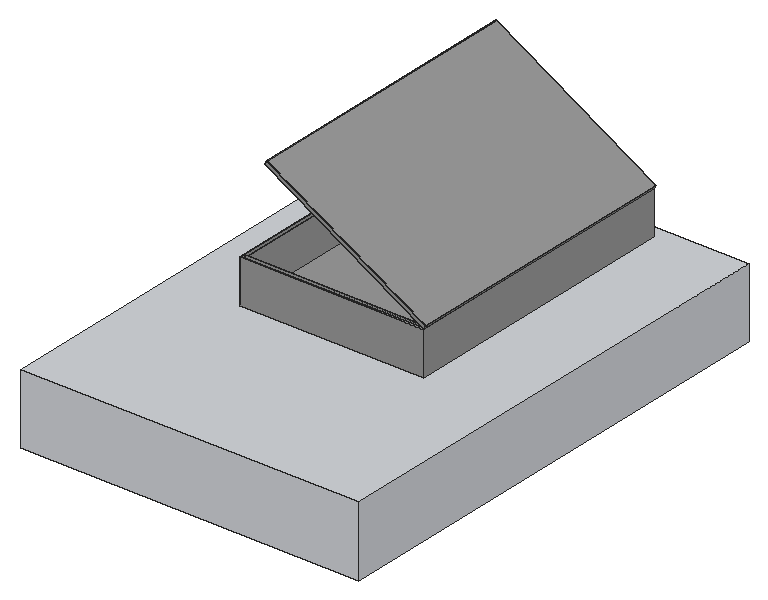
Revit family "Hager-Univers-IP54-D205-H1250-Cl.I-Encl-CH-en", category Equipement électrique, Revit 2020
Family settings
  Hôte = Face
  Configuration du panneau = Deux colonnes, circuits au sein
  Cote de connecteur circulaire = Utiliser le diamètre
  Type d'élément = Tableau de raccordement
  Couper avec des vides une fois chargée = Non
  Partagée = Non
  Point de calcul de pièce = Non
Parameters (values of type "Surface mounted (plaster) IP54 W800 H1250 D205  - FP83TW2")
  Width Control [instance] = if([EF000008 - Width] > Min Width, [EF000008 - Width], Min Width)  # 800 mm
  Commentaires du type = [HG000003 - Range]  # "Univers"
  Thickness Door [instance] = if([EF009171 - Material plate thickness door/cover] > 3 mm, 3 mm, [EF009171 - Material plate thickness door/cover])  # 1 mm
  Seal Frame Offset [instance] = 17 mm  # constant formula
  Plinth Visibility [instance] = [HG000027 - Plinth height] > 0 mm  # no
  Model = ""
  Min Width [instance] = 100 mm  # constant formula
  Min Height [instance] = 100 mm  # constant formula
  Min Depth [instance] = (2 * [EF009170 - Material plate thickness cabinet]) + 1 mm  # 3 mm
  Internal Frame Depth [instance] = (Door System Depth * 0.5)  # 9 mm
  Height Control [instance] = if([EF000040 - Height] > Min Height, [EF000040 - Height], Min Height)  # 1250 mm
  HG000027 - Plinth height = 0 mm
  HG000026 - Floor standing = no
  HG000024 - Bottom section height = 800 mm
  HG000023 - Double section enclosure = no
  HG000016 - Door 3d visibility [instance] = yes
  HG000015 - Clearance visibility [instance] = no
  HG000014 - Door on the right [instance] = yes
  HG000013 - Door on the left [instance] = not([HG000014 - Door on the right])  # no
  HG000012 - Door swing angle [instance] = 30.00°
  HG000010 - Asymmetric doors = no
  HG000009 - Double swing door = no
  HG000006 - Flush mounted = no
  HG000004 - Manufacturer reference = "FP83TW2"
  HG000003 - Range = "Univers"
  HG000002 - With door or cover = yes
  Frame Offset Bottom [instance] = 10 mm  # constant formula
  Frame Offset [instance] = 15 mm  # constant formula
  EF015940 - Cover with overpressure release = no
  EF011959 - Degree of protection (NEMA) = ""
  EF009554 - Number of openings for flange plates = 6
  EF009212 - Cover model = "EV000116 - Closed"
  EF009171 - Material plate thickness door/cover = 1 mm
  EF009170 - Material plate thickness cabinet = 1 mm
  Fabricant = "Hager"  # constant formula
  EF008873 - Nominal current (In) = 250 A
  EF007800 - Suitable for lightning protection = no
  EF006306 - With lock = no
  EF006244 - Transparent cover/door = no
  EF005474 - Degree of protection (IP) = "EV006419 - IP54"
  EF004464 - Type of door = "EV002646 - Single"
  EF004427 - Number of modules = 288
  EF004293 - Impact strength = "EV006815 - IK09"
  EF003532 - Suitable for outdoor use = no
  EF002950 - Width in number of modular spacings = 36
  EF001613 - Circuit integrity = "EV000494 - None"
  EF001596 - Material housing = "EV000179 - Steel"
  EF001131 - Internal depth = 130 mm
  EF001088 - Extension possible = yes
  EF000437 - Number of conduit inlets = 6
  EF000339 - Type of cover = "EV001012 - Cover"
  EF000266 - Number of rows = 8
  EF000218 - Built-in depth = 205 mm
  EF000118 - With mounting plate = no
  EF000116 - RAL-number = "9010"
  EF000049 - Depth = 205 mm
  EF000040 - Height = 1250 mm
  EF000008 - Width = 800 mm
  EF000007 - Colour = "EV000202 - White"
  EF000003 - Mounting method = "EV000384 - Surface mounted (plaster)"
  Door System Leaf Tolerance [instance] = 1.5 mm  # constant formula
  Door System Depth [instance] = 18 mm  # constant formula
  Door Height [instance] = Height Control - [HG000027 - Plinth height]  # 1250 mm
  Depth Control [instance] = if([EF000049 - Depth] > Min Depth, [EF000049 - Depth], Min Depth)  # 205 mm
  Default Elevation = 0 mm
  Connector Offset [instance] = Height Control / 2  # 625 mm
  Bottom Top Plate Trim [instance] = 1.5 mm  # constant formula
  Plinth height Ctrl [instance] = if([HG000027 - Plinth height] > 0 mm, [HG000027 - Plinth height], 12 mm)  # 12 mm
Types (5, lengths in mm): name | Width Control | HG000004 - Manufacturer reference | EF009554 - Number of openings for flange plates | EF004464 - Type of door | EF004427 - Number of modules | EF002950 - Width in number of modular spacings | EF000437 - Number of conduit inlets | EF000008 - Width
  Surface mounted (plaster) IP54 W1050 H1250 D205  - FP84TW2 | 1050 | "FP84TW2" | 8 | "EV003602 - Double" | 384 | 48 | 8 | 1050
  Surface mounted (plaster) IP54 W1300 H1250 D205  - FP85TW2 | 1300 | "FP85TW2" | 10 | "EV003602 - Double" | 480 | 60 | 10 | 1300
  Surface mounted (plaster) IP54 W300 H1250 D205  - FP81TW2 | 300 | "FP81TW2" | 2 | "EV002646 - Single" | 96 | 12 | 2 | 300
  Surface mounted (plaster) IP54 W550 H1250 D205  - FP82TW2 | 550 | "FP82TW2" | 4 | "EV002646 - Single" | 192 | 24 | 4 | 550
  Surface mounted (plaster) IP54 W800 H1250 D205  - FP83TW2 | 800 | "FP83TW2" | 6 | "EV002646 - Single" | 288 | 36 | 6 | 800
Reference planes
  plane 1 "Center (Front/Back)": y = 0
  plane 2: z = 0
  plane 3 "Center (Left/Right)": x = 0
  plane 4: z = 205
  plane 5: y = 1
  plane 6: y = 625
  plane 7: y = 0
  plane 8: y = 1250
  plane 9: z = 0
  plane 10: x = -385
  plane 11: x = 385
  plane 12: x = 384
  plane 13: x = -384
  plane 14: y = 1249
  plane 15: x = -383
  plane 16: x = -400
  plane 17: x = 383
  plane 18: x = 400
  plane 19: x = 399
  plane 20: x = -399
  plane 21: y = 11
  plane 22: y = 1250
  plane 23: y = 1234
  plane 24: z = 187
  plane 25: z = 1
  plane 26: z = 186
  plane 27: z = 204
Forms (mm)
  Extrusion 1, solid
    sketch origin (0, 0, 0) x (1, 0, 0) y (0, 1, 0)
      loop
        line (-702.964, 1305) -> (-702.964, -811.445) -> (766.763, -811.445) -> (766.763, 1305) -> (-702.964, 1305)
    from 0 to -304.8
  Extrusion 2, solid, material "Hager_Steel_RAL7035_Light_Grey", visible <- "Plinth Visibility", detail levels medium+fine
    sketch origin (0, 0, 0) x (1, 0, 0) y (0, 1, 0)
      loop
        line (-400, 0) -> (400, 0) -> (400, 12) -> (-400, 12) -> (-400, 0)
    from 0 to 187
  Extrusion 3, solid, material "Hager_Steel_RAL7035_Light_Grey", detail levels medium+fine
    sketch origin (0, 0, 0) x (1, 0, 0) y (0, 1, 0)
      loop
        line (-400, 0) -> (400, 0) -> (400, 1250) -> (-400, 1250) -> (-400, 0)
    from 0 to 187
  Extrusion 4, void
    sketch origin (0, 0, 0) x (1, 0, 0) y (0, 1, 0)
      loop
        line (-399, 1) -> (399, 1) -> (399, 1249) -> (-399, 1249) -> (-399, 1)
    from 1 to 186
  Extrusion 5, void
    sketch origin (-381.607, -4572, 187) x (0, -1, 0) y (-1, 0, 0)
      loop
        line (-4583, 2.393) -> (-5806, 2.393) -> (-5806, -765.607) -> (-4583, -765.607) -> (-4583, 2.393)
    from 0 to 1 <- "EF009170 - Material plate thickness cabinet"
  Extrusion 6, solid, material "Hager_Steel_RAL7035_Light_Grey", detail levels fine
    sketch origin (0, 0, 187) x (1, 0, 0) y (0, 1, 0)
      loop
        line (-384, 1234) -> (-384, 11) -> (384, 11) -> (384, 1234) -> (-384, 1234)
      loop
        line (-385, 10) -> (385, 10) -> (385, 1235) -> (-385, 1235) -> (-385, 10)
    from 0 to 9 <- "Internal Frame Depth"
  Extrusion 7, solid, material "Hager_Steel_RAL7035_Light_Grey", detail levels coarse
    sketch origin (0, 0, 0) x (1, 0, 0) y (0, 1, 0)
      loop
        line (-400, 0) -> (400, 0) -> (400, 1250) -> (-400, 1250) -> (-400, 0)
    from 0 to 205
  Sweep 8, void
    path in 3D
      loop
        line (-400, 12, 0) -> (400, 12, 0) -> (400, 12, 187) -> (-400, 12, 187) -> (-400, 12, 0)
    profile origin (-400, 12, 93.5) x (-1, 0, 0) y (0, -1, 0)
      loop
        line (0, 0) -> (0, 1.5) -> (-1.5, 1.5)
        arc (-1.5, 1.5) -> (-1.061, 0.439) -> (0, 0) r 1.5
Cuts and joins
  Extrusion 4, Extrusion 5 cuts Extrusion 3
  Sweep 8 cuts Extrusion 2
Lines and regions (mm)
  Masking region 1
    outline origin (0, 0, 0) x (1, 0, 0) y (0, 0, 1)
      loop
        line (-400, 205) -> (-400, 0) -> (400, 0) -> (400, 205) -> (-400, 205)
  Masking region 2, detail levels medium+fine
    outline origin (0, 140, 0) x (0, 1, 0) y (0, 0, 1)
      loop
        line (-140, 0) -> (1110, 0) -> (1110, 187) -> (-140, 187) -> (-140, 0)
  Masking region 3, not visible, detail levels medium+fine
    outline origin (0, 297.922, 0) x (0, 1, 0) y (0, 0, 1)
      loop
        line (338.578, 0) -> (378.578, 0) -> (378.578, 194)
        arc (378.578, 194) -> (375.649, 201.071) -> (368.578, 204) r 10
        line (368.578, 204) -> (338.578, 204) -> (338.578, 0)
  Masking region 4, detail levels coarse
    outline origin (0, 0, 180) x (0, 1, 0) y (0, 0, 1)
      loop
        line (0, -180) -> (1250, -180) -> (1250, 25) -> (0, 25) -> (0, -180)
  Masking region 5, visible <- "Plinth Visibility", detail levels medium+fine
    outline origin (0, 52.24, 12.345) x (0, 0, -1) y (0, 1, 0)
      loop
        line (10.845, -40.24) -> (-173.155, -40.24)
        arc (-173.155, -40.24) -> (-173.594, -41.301) -> (-174.655, -41.74) r 1.5
        line (-174.655, -41.74) -> (-174.655, -52.24) -> (12.345, -52.24) -> (12.345, -41.74)
        arc (12.345, -41.74) -> (11.285, -41.301) -> (10.845, -40.24) r 1.5
  Masking region 6, detail levels medium+fine
    outline origin (-381.607, -4572, 187) x (-1, 0, 0) y (0, -1, 0)
      loop
        line (18.393, -5822) -> (18.393, -4572) -> (-781.607, -4572) -> (-781.607, -5822) -> (18.393, -5822)
  Masking region 7, visible <- "Plinth Visibility", detail levels medium+fine
    outline origin (-381.607, -4727, 187) x (-1, 0, 0) y (0, -1, 0)
      loop
        arc (16.893, -4739) -> (17.332, -4737.939) -> (18.393, -4737.5) r 1.5
        line (18.393, -4737.5) -> (18.393, -4727) -> (-781.607, -4727) -> (-781.607, -4737.5)
        arc (-781.607, -4737.5) -> (-780.546, -4737.939) -> (-780.107, -4739) r 1.5
        line (-780.107, -4739) -> (16.893, -4739)
  Masking region 8, detail levels coarse
    outline origin (-442.548, -4669.526, 187) x (-1, 0, 0) y (0, -1, 0)
      loop
        line (-42.548, -5919.526) -> (-42.548, -4669.526) -> (-842.548, -4669.526) -> (-842.548, -5919.526) -> (-42.548, -5919.526)
  sketch lines
    curve 1: line (-400, 12, 187) -> (-400, 12, 0)
    curve 2: line (400, 12, 187) -> (-400, 12, 187)
    curve 3: line (400, 12, 187) -> (400, 12, 0)
    curve 4: line (-400, 12, 0) -> (400, 12, 0)
Dimensions and locks
  "Depth Control": plane 4 to Extrusion 1
  "HG000027 - Plinth height": plane 1 "Center (Front/Back)" to plane 7
  "EF009170 - Material plate thickness cabinet": plane 5 to plane 7
  locked: connector elem to plane 3 "Center (Left/Right)"
  equal spacing: plane 8, plane 6, plane 7
  locked: connector elem to plane 6
  "EF009170 - Material plate thickness cabinet": plane 8 to plane 14
  "EF009170 - Material plate thickness cabinet": plane 10 to plane 13
  "EF009170 - Material plate thickness cabinet": plane 12 to plane 11
  "Frame Offset": plane 20 to plane 13
  "Frame Offset": plane 12 to plane 19
  "EF009170 - Material plate thickness cabinet": plane 16 to plane 20
  "EF009170 - Material plate thickness cabinet": plane 19 to plane 18
  "Seal Frame Offset": plane 16 to plane 15
  "Seal Frame Offset": plane 17 to plane 18
  "Frame Offset Bottom": plane 21 to plane 5
  "Frame Offset": plane 14 to plane 23
  equal spacing: plane 16, plane 3 "Center (Left/Right)", plane 18
  "Width Control": plane 16 to plane 18
  "EF009170 - Material plate thickness cabinet": plane 4 to plane 27
  "EF009170 - Material plate thickness cabinet": plane 24 to plane 26
  "EF009170 - Material plate thickness cabinet": plane 25 to level
  "Door System Depth": plane 4 to plane 24
  "Height Control": plane 1 "Center (Front/Back)" to Extrusion 7 sketch curve
  "Height Control": Masking region 4 sketch curve to plane 1 "Center (Front/Back)"
  "Height Control": plane 1 "Center (Front/Back)" to plane 22
  "Bottom Top Plate Trim": profile plane to Sweep 8 sketch curve
  "Bottom Top Plate Trim": Sweep 8 sketch curve to profile plane
  "Plinth height Ctrl": plane 1 "Center (Front/Back)" to Extrusion 2 sketch curve
  "Plinth height Ctrl": Masking region 5 sketch curve to plane 1 "Center (Front/Back)"
  "Plinth height Ctrl": plane 1 "Center (Front/Back)" to Masking region 7 sketch curve
  "Thickness Door": Extrusion 6 sketch curve to Extrusion 6 sketch curve  (x3)
  "Thickness Door": cut or joined group of Extrusion 3, Extrusion 4, Extrusion 5 to Extrusion 6 sketch curve
  radius of Masking region 3 sketch curve = 10 mm
  "Bottom Top Plate Trim": radius of Masking region 5 sketch curve  (x2)
  "Bottom Top Plate Trim": radius of Sweep 8 sketch curve
  "Bottom Top Plate Trim": radius of Masking region 7 sketch curve  (x2)
  aligned and locked: plane 2 to Extrusion 1
  aligned and locked: level to Extrusion 1
  aligned and locked: level to Masking region 1 sketch curve
  aligned and locked: Masking region 1 sketch curve to plane 18
  aligned and locked: Masking region 1 sketch curve to plane 16
  aligned and locked: plane 7 to Masking region 2 sketch curve
  aligned and locked: level to Masking region 3 sketch curve
  aligned and locked: Masking region 3 sketch curve to plane 27
  aligned and locked: level to Masking region 2 sketch curve
  aligned and locked: plane 1 "Center (Front/Back)" to Extrusion 2 sketch curve
  aligned and locked: Extrusion 3 sketch curve to plane 7
  aligned and locked: plane 16 to Extrusion 3 sketch curve
  aligned and locked: plane 18 to Extrusion 3 sketch curve
  aligned and locked: plane 20 to Extrusion 4 sketch curve
  aligned and locked: plane 19 to Extrusion 4 sketch curve
  aligned and locked: Extrusion 4 sketch curve to plane 5
  aligned and locked: Extrusion 4 to plane 25
  aligned and locked: plane 26 to Extrusion 4
  aligned and locked: plane 24 to Extrusion 3
  aligned and locked: Extrusion 5 sketch curve to plane 21
  aligned and locked: Extrusion 5 sketch curve to plane 13
  aligned and locked: Extrusion 5 sketch curve to plane 12
  aligned and locked: plane 18 to Extrusion 7 sketch curve
  aligned and locked: plane 1 "Center (Front/Back)" to Extrusion 7 sketch curve
  aligned and locked: plane 16 to Extrusion 7 sketch curve
  aligned and locked: plane 4 to Extrusion 7
  aligned and locked: Extrusion 7 to level
  aligned and locked: level to Masking region 4 sketch curve
  aligned and locked: Masking region 4 sketch curve to plane 1 "Center (Front/Back)"
  aligned and locked: Masking region 4 sketch curve to plane 4
  aligned and locked: nested 1 to level
  aligned and locked: nested 1 to plane 16
  aligned and locked: plane 8 to Extrusion 3 sketch curve
  aligned and locked: plane 23 to Extrusion 5 sketch curve
  aligned and locked: plane 14 to Extrusion 4 sketch curve
  aligned and locked: Masking region 2 sketch curve to plane 8
  aligned and locked: level to Masking region 5 sketch curve
  aligned and locked: plane 16 to Extrusion 2 sketch curve
  aligned and locked: plane 18 to Extrusion 2 sketch curve
  aligned and locked: Masking region 5 sketch curve to plane 24
  aligned and locked: Masking region 2 sketch curve to plane 24
  aligned and locked: plane 24 to Extrusion 2
  aligned and locked: profile plane to Sweep 8 sketch curve  (x2)
  aligned and locked: Masking region 6 sketch curve to plane 18
  aligned and locked: Masking region 6 sketch curve to plane 22
  aligned and locked: Masking region 6 sketch curve to plane 16
  aligned and locked: plane 8 to plane 22
  aligned and locked: Masking region 6 sketch curve to plane 7
  aligned and locked: Masking region 7 sketch curve to plane 16
  aligned and locked: Masking region 7 sketch curve to plane 1 "Center (Front/Back)"
  aligned and locked: Masking region 7 sketch curve to plane 18
  aligned and locked: Masking region 8 sketch curve to plane 1 "Center (Front/Back)"
  aligned and locked: Masking region 8 sketch curve to plane 18
  aligned and locked: Masking region 8 sketch curve to plane 22
  aligned and locked: Masking region 8 sketch curve to plane 16
  aligned and locked: nested 2 to plane 7
  aligned and locked: plane 3 "Center (Left/Right)" to nested 2
  aligned and locked: nested 2 to plane 24
  aligned and locked: Extrusion 6 sketch curve to cut or joined group of Extrusion 3, Extrusion 4, Extrusion 5  (x4)
Automatic sketch dimensions
  Extrusion 1 sketch curve to Extrusion 1 sketch curve = 1469.727 mm
  Extrusion 1 sketch curve to Extrusion 1 sketch curve = 2116.445 mm
  Masking region 1 sketch curve to plane 4 = 0 mm
  plane 6 to Masking region 3 sketch curve = 11.5 mm
  Masking region 3 sketch curve to Masking region 3 sketch curve = 30 mm
  Masking region 5 sketch curve to plane 1 "Center (Front/Back)" = 0 mm
Nested families
  nested 1: "Hager_Enclosure_Symbol" at (-400, 0, 0) x (1, 0, 0) z (0, -1, 0), Height <- "Depth Control", Width <- "Width Control", type "Hager_Enclosure_Symbol"
    with Width_Ctrl 800 mm, Width 800 mm, Height_Ctrl 205 mm, Height 205 mm, A_Width_Int 13.453 mm, A_Width 161.438 mm, A_Height_Ctrl 179.375 mm, A_Height 179.375 mm
  nested 2: "EC000058_Univers_Door" at (0, 0, 187) x (1, 0, 0) z (0, 1, 0), Leaf_Tolerance <- "Door System Leaf Tolerance", Angle <- "HG000012 - Door swing angle", Door_Depth <- "Door System Depth", Door_Left <- "HG000013 - Door on the left", Transparent <- "EF006244 - Transparent cover/door", Assymetrical <- "HG000010 - Asymmetric doors", Width <- "Width Control", Clearance <- "HG000015 - Clearance visibility", Double <- "HG000009 - Double swing door", 3d_Door <- "HG000016 - Door 3d visibility", Lock_Visibility <- "EF006306 - With lock", Width_Ctrl <- "Width Control", Door_Right <- "HG000014 - Door on the right", Door <- "HG000002 - With door or cover", Height <- "Door Height", Thickness <- "Thickness Door", type "EC000058_Univers_Door", detail levels medium+fine
    with min_wh 3 mm, Width_Ctrl 800 mm, Width 800 mm, Transparent no, Thickness 1 mm, Seal_Material Hager_Rubber, Lock_Visibility no, Lock_Material Hager_Plastic_RAL9005_Jet_Black, Leaf_Width 800 mm, Leaf_Tolerance_External_Sides 0 mm, Leaf_Tolerance 1.5 mm, Leaf_Offset 0 mm, Leaf_Height 1247 mm, Leaf_2_Width 800 mm, Leaf_2_Offset 400 mm, Leaf_1_Width 800 mm, Leaf_1_Offset 400 mm, Height_Ctrl 1250 mm, Height 1250 mm, Glass_Material Hager_Glass, Double_Clearance_Ctrl no, Double no, Door_Right_Ctrl yes, Door_Right yes, Door_Material Hager_Steel_RAL7035_Light_Grey, Door_Left_Ctrl no, Door_Left no, Door_Depth 18 mm, Door yes, Clearance_Material Hager_Clearance, Clearance_Depth 800 mm, Clearance_Ctrl no, Clearance no, Assymetrical no, Angle 30.00°, 3d_Door yes
Connectors
  electrical at (0, 625, 0)
    settings: on plane 9, index 1, voltage 0 V, apparent load 0 VA, apparent load phase1 0 VA, apparent load phase2 0 VA, apparent load phase3 0 VA, power factor 1, load classification "Other", number of poles 1, system type 30, power factor state 1, is connector primary yes, connector utility no, sub classification motor no, connector description ""
Definition of nested family "EC000058_Univers_Door"
  Parameters (values of type "EC000058_Univers_Door")
    min_wh [instance] = (2 * Thickness) + 1 mm  # 11 mm
    Width_Ctrl [instance] = 400 mm
    Width [instance] = 500 mm
    Transparent [instance] = yes
    Thickness [instance] = 5 mm
    Seal_Material [instance] = none
    Lock_Visibility [instance] = yes
    Lock_Material [instance] = none
    Leaf_Width [instance] = if((Width_Ctrl - 2 * Leaf_Tolerance_External_Sides) > 0 mm, (Width_Ctrl - 2 * Leaf_Tolerance_External_Sides), min_wh)  # 400 mm
    Leaf_Tolerance_External_Sides [instance] = 0 mm  # constant formula
    Leaf_Tolerance [instance] = 1.5 mm
    Leaf_Offset [instance] = 0 mm  # constant formula
    Leaf_Height [instance] = if((Height_Ctrl - 2 * Leaf_Tolerance) > 0 mm, (Height_Ctrl - 2 * Leaf_Tolerance), min_wh)  # 497 mm
    Leaf_2_Width [instance] = if(and(and(Double, Assymetrical), Door_Left), (Leaf_Width / 3) - (Leaf_Tolerance / 2), if(and(and(Double, Assymetrical), Door_Right), (Leaf_Width / 3) * 2 - (Leaf_Tolerance / 2), if(and(Double, not(Assymetrical)), (Leaf_Width / 2) - Leaf_Tolerance, Leaf_Width)))  # 400 mm
    Leaf_2_Offset [instance] = if(and(Double, Assymetrical), Leaf_2_Width / 2, if(and(Double, not(Assymetrical)), Leaf_Width / 4, Leaf_Width / 2))  # 200 mm
    Leaf_1_Width [instance] = if(and(and(Double, Assymetrical), Door_Right), (Leaf_Width / 3) - (Leaf_Tolerance / 2), if(and(and(Double, Assymetrical), Door_Left), (Width / 3) * 2 - (Leaf_Tolerance / 2), if(and(Double, not(Assymetrical)), (Leaf_Width / 2) - Leaf_Tolerance, Leaf_Width)))  # 400 mm
    Leaf_1_Offset [instance] = if(and(Double, Assymetrical), Leaf_1_Width / 2, if(and(Double, not(Assymetrical)), Leaf_Width / 4, Leaf_Width / 2))  # 200 mm
    Height_Ctrl [instance] = if(Height > min_wh, Height, min_wh)  # 500 mm
    Height [instance] = 500 mm
    Glass_Material [instance] = none
    Double_Clearance_Ctrl [instance] = and(Double, Clearance)  # no
    Double [instance] = no
    Door_Right_Ctrl [instance] = and(or(Door_Right, Double), Door)  # yes
    Door_Right [instance] = yes
    Door_Material [instance] = none
    Door_Left_Ctrl [instance] = and(or(Door_Left, Double), Door)  # no
    Door_Left [instance] = no
    Door_Depth [instance] = 30 mm
    Door [instance] = yes
    Default Elevation = 1219.2 mm
    Clearance_Material [instance] = none
    Clearance_Depth [instance] = if(Leaf_1_Width > Leaf_2_Width, Leaf_1_Width, Leaf_2_Width)  # 400 mm
    Clearance_Ctrl [instance] = and(not(Double), Clearance)  # yes
    Clearance [instance] = yes
    Assymetrical [instance] = yes
    Angle [instance] = 30.00°
    3d_Door [instance] = yes
  Reference planes
    plane 1 "Center (Front/Back)": y = 0
    plane 2 "Bottom": z = 0
    plane 3 "Center (Left/Right)": x = 0
    plane 4: z = 500
    plane 5: x = -200
    plane 6: x = 200
    plane 7: z = 500
    plane 8: x = -200
    plane 9: z = 0
    plane 10: x = 200
    plane 11: y = 0
    plane 12: z = 1.5
    plane 13: x = -600
    plane 14: y = -400
    plane 15: x = 600
    plane 16: x = 0
    plane 17: x = 0
    plane 18: x = -200
    plane 19: x = 200
    plane 20: z = 498.5
  Forms (mm)
    Extrusion 1, solid, material <- "Clearance_Material", visible <- "Double_Clearance_Ctrl"
      sketch origin (1200, 0, 0) x (1, 0, 0) y (0, 0, -1)
        loop
          line (-1800, -498.5) -> (-600, -498.5) -> (-600, 0) -> (-1800, 0) -> (-1800, -498.5)
      from 0 to -400
  Dimensions and locks
    equal spacing: plane 5, plane 3 "Center (Left/Right)", plane 6
    "Width_Ctrl": plane 5 to plane 6
    "Leaf_Offset": plane 5 to plane 8
    "Leaf_Offset": plane 6 to plane 10
    "Leaf_Offset": plane 9 to level
    "Leaf_Offset": plane 4 to plane 7
    "Height_Ctrl": plane 4 to level
    "Leaf_Tolerance": plane 12 to plane 9
    locked: plane 11 to plane 1 "Center (Front/Back)"
    "Leaf_1_Offset": plane 18 to plane 16
    "Leaf_2_Offset": plane 17 to plane 19
    "Leaf_1_Width": plane 13 to plane 8
    "Leaf_2_Width": plane 10 to plane 15
    "Clearance_Depth": plane 14 to plane 1 "Center (Front/Back)"
    "Leaf_Tolerance_External_Sides": plane 8 to plane 18
    "Leaf_Tolerance_External_Sides": plane 19 to plane 10
    "Leaf_Tolerance": plane 7 to plane 20
    aligned and locked: level to plane 2 "Bottom"
    aligned and locked: nested 1 to plane 16
    aligned and locked: nested 2 to plane 17
    aligned and locked: Extrusion 1 to plane 13
    aligned and locked: plane 15 to Extrusion 1
    aligned and locked: Extrusion 1 to plane 14
    aligned and locked: plane 12 to nested 1
    aligned and locked: nested 2 to plane 12
    aligned and locked: Extrusion 1 to plane 11
    aligned and locked: plane 20 to Extrusion 1
    aligned and locked: nested 2 to plane 11
    aligned and locked: nested 1 to plane 11
  Automatic sketch dimensions
    Extrusion 1 sketch curve to level = 0 mm
    plane 5 to Extrusion 1 sketch curve = 400 mm
    plane 6 to Extrusion 1 sketch curve = 400 mm
    Extrusion 1 sketch curve to plane 4 = 1.5 mm
  Nested families
    nested 1: "EC000058_Univers_Door_Leaf" at (0, 0, 1.5), Width <- "Leaf_1_Width", visible <- "Door_Left_Ctrl", Leaf_Height <- "Leaf_Height", Angle <- "Angle", 3d_Door <- "3d_Door", Transparent <- "Transparent", Clearance Material <- "Clearance_Material", Clearance <- "Clearance_Ctrl", Door_Material <- "Door_Material", Glass_Material <- "Glass_Material", Door_Depth <- "Door_Depth", Lock_Material <- "Lock_Material", Seal_Material <- "Seal_Material", Lock_Visibility <- "Lock_Visibility", Thickness <- "Thickness", type "EC000058_Univers_Door_Leaf"
      with Width 400 mm, Transparent_Glass_Offset 30 mm, Transparent_Ctrl yes, Transparent yes, Thickness 5 mm, Standard no, Seal_Material none, Seal_D2 8 mm, Seal_D1 1 mm, Offset_Internal_Frame 10 mm, Lock_Width 20 mm, Lock_Visibility_3d yes, Lock_Visibility yes, Lock_Thickness_3 3 mm, Lock_Thickness_2 1 mm, Lock_Thickness_1 3 mm, Lock_Radius_Offset_2 16 mm, Lock_Radius_Offset_1 15 mm, Lock_Radius_2 5 mm, Lock_Radius 6 mm, Lock_Offset 5 mm, Lock_Material none, Lock_Height 80 mm, Lock_Cover_Top_Offset_2d 17 mm, Lock_Cover_Height -65 mm, Leaf_Height 497 mm, Internal_Seal_Thickness 8 mm, Internal_Seal_Depth_2 4.5 mm, Internal_Frame_Depth 25 mm, Glass_Thickness -1 mm, Glass_Offset -2 mm, Glass_Material none, Door_Material none, Door_Depth 30 mm, Clearance Material none, Clearance yes, Angle_Ctrl 30.00°, Angle 30.00°, 3d_Door yes
    nested 2: "EC000058_Univers_Door_Leaf" at (0, 0, 1.5) x (-1, 0, 0) z (0, 0, 1), Width <- "Leaf_2_Width", visible <- "Door_Right_Ctrl", Leaf_Height <- "Leaf_Height", Angle <- "Angle", 3d_Door <- "3d_Door", Transparent <- "Transparent", Clearance Material <- "Clearance_Material", Clearance <- "Clearance_Ctrl", Door_Material <- "Door_Material", Glass_Material <- "Glass_Material", Door_Depth <- "Door_Depth", Lock_Material <- "Lock_Material", Seal_Material <- "Seal_Material", Lock_Visibility <- "Lock_Visibility", Thickness <- "Thickness", type "EC000058_Univers_Door_Leaf"
      with Width 400 mm, Transparent_Glass_Offset 30 mm, Transparent_Ctrl yes, Transparent yes, Thickness 5 mm, Standard no, Seal_Material none, Seal_D2 8 mm, Seal_D1 1 mm, Offset_Internal_Frame 10 mm, Lock_Width 20 mm, Lock_Visibility_3d yes, Lock_Visibility yes, Lock_Thickness_3 3 mm, Lock_Thickness_2 1 mm, Lock_Thickness_1 3 mm, Lock_Radius_Offset_2 16 mm, Lock_Radius_Offset_1 15 mm, Lock_Radius_2 5 mm, Lock_Radius 6 mm, Lock_Offset 5 mm, Lock_Material none, Lock_Height 80 mm, Lock_Cover_Top_Offset_2d 17 mm, Lock_Cover_Height -65 mm, Leaf_Height 497 mm, Internal_Seal_Thickness 8 mm, Internal_Seal_Depth_2 4.5 mm, Internal_Frame_Depth 25 mm, Glass_Thickness -1 mm, Glass_Offset -2 mm, Glass_Material none, Door_Material none, Door_Depth 30 mm, Clearance Material none, Clearance yes, Angle_Ctrl 30.00°, Angle 30.00°, 3d_Door yes
  Definition of nested family "EC000058_Univers_Door_Leaf"
    Parameters (values of type "EC000058_Univers_Door_Leaf")
      Width [instance] = 2000 mm
      Transparent_Glass_Offset [instance] = 30 mm
      Transparent_Ctrl [instance] = and(Transparent, [3d_Door])  # yes
      Transparent [instance] = yes
      Thickness [instance] = 5 mm
      Standard [instance] = and(not(Transparent), [3d_Door])  # no
      Seal_Material [instance] = none
      Seal_D2 [instance] = 8 mm  # constant formula
      Seal_D1 [instance] = 1 mm  # constant formula
      Offset_Internal_Frame [instance] = 10 mm  # constant formula
      Lock_Width [instance] = 20 mm  # constant formula
      Lock_Visibility_3d [instance] = and(Lock_Visibility, [3d_Door])  # yes
      Lock_Visibility [instance] = yes
      Lock_Thickness_3 [instance] = 3 mm  # constant formula
      Lock_Thickness_2 [instance] = 1 mm  # constant formula
      Lock_Thickness_1 [instance] = 3 mm  # constant formula
      Lock_Radius_Offset_2 [instance] = Lock_Radius_Offset_1 + 1 mm  # 16 mm
      Lock_Radius_Offset_1 [instance] = 15 mm  # constant formula
      Lock_Radius_2 [instance] = Lock_Radius - 1 mm  # 5 mm
      Lock_Radius [instance] = 6 mm  # constant formula
      Lock_Offset [instance] = 5 mm  # constant formula
      Lock_Material [instance] = none
      Lock_Height [instance] = 80 mm  # constant formula
      Lock_Cover_Top_Offset_2d [instance] = Lock_Radius_Offset_2 + 1 mm  # 17 mm
      Lock_Cover_Height [instance] = -(Lock_Height - Lock_Radius_Offset_1)  # -65 mm
      Leaf_Height [instance] = 2720.336 mm
      Internal_Seal_Thickness [instance] = 8 mm  # constant formula
      Internal_Seal_Depth_2 [instance] = 4.5 mm  # constant formula
      Internal_Frame_Depth [instance] = if(Door_Depth - Thickness > 5 mm, Door_Depth - Thickness, 5 mm)  # 25 mm
      Glass_Thickness [instance] = if(Thickness > 15 mm, Glass_Offset + 10 mm, -1 mm)  # -1 mm
      Glass_Offset [instance] = if(Thickness > 15 mm, -(Thickness + 10 mm) / 2, -2 mm)  # -2 mm
      Glass_Material [instance] = none
      Door_Material [instance] = none
      Door_Depth [instance] = 30 mm
      Default Elevation = 0 mm
      Clearance Material [instance] = none
      Clearance [instance] = yes
      Angle_Ctrl [instance] = if(Angle > 180.00°, 180.00°, Angle)  # 90.00°
      Angle [instance] = 90.00°
      3d_Door [instance] = yes
    Reference planes
      plane 1 "Center (Front/Back)": y = 0
      plane 2: z = 0
      plane 3 "Center (Left/Right)": x = 0
      plane 4: y = 2000
      plane 5: x = -1000
      plane 6: x = 1000
      plane 7: x = -3000
      plane 8: z = 2720.336
      plane 9: z = 30
      plane 10: z = 2690.336
      plane 11: x = 970
      plane 12: x = -970
      plane 13: y = -3
      plane 14: z = 107.833
      plane 15: y = -5
      plane 16: y = -223.314
      plane 17: x = -1000
      plane 18: z = 1360.168
      plane 19: y = 30
    Forms (mm)
      Extrusion 1, solid, material <- "Clearance Material", visible <- "Clearance"
        sketch origin (0, 0, 0) x (1, 0, 0) y (0, 0, 1)
          loop
            line (-3000, 2720.336) -> (-3000, 0) -> (1000, 0) -> (1000, 2720.336) -> (-3000, 2720.336)
        from 0 to -2000
      Extrusion 2, solid, material <- "Door_Material", visible <- "Standard", detail levels medium+fine
        sketch origin (-1000, 0, 0) x (0, 1, 0) y (-1, 0, 0)
          loop
            line (0, 30) -> (0, 25) -> (2000, 25) -> (2000, 30) -> (0, 30)
        from 0 to 2720.336 <- "Leaf_Height"
      Extrusion 3, solid, material <- "Door_Material", visible <- "Transparent_Ctrl", detail levels medium+fine
        sketch origin (-1000, 0, 0) x (0, 1, 0) y (-1, 0, 0)
          loop
            line (0, 25) -> (2000, 25) -> (2000, 30) -> (0, 30) -> (0, 25)
        from 0 to 2720.336 <- "Leaf_Height"
      Extrusion 4, void
        sketch origin (-1025, 2000, 0) x (0, 1, 0) y (0, 0, -1)
          loop
            line (-30, -2690.336) -> (-30, -30) -> (-1970, -30) -> (-1970, -2690.336) -> (-30, -2690.336)
        from 0 to 5 <- "Thickness"
      Sweep 5, solid, material <- "Seal_Material", visible <- "Transparent_Ctrl", detail levels fine
        path in 3D
          loop
            line (-1025, 30, 30) -> (-1025, 30, 2690.336) -> (-1025, 1970, 2690.336) -> (-1025, 1970, 30) -> (-1025, 30, 30)
        profile origin (-1025, 1000, 30) x (1, 0, 0) y (0, 0, 1)
          loop
            line (0, 0) -> (0, -8) -> (1, -8) -> (1, 0) -> (0, 0)
      Extrusion 6, solid, material <- "Glass_Material", visible <- "Transparent_Ctrl", detail levels medium+fine
        sketch origin (-1030, 0, 0) x (0, 1, 0) y (0, 0, -1)
          loop
            line (1970, -2690.336) -> (1970, -30) -> (30, -30) -> (30, -2690.336) -> (1970, -2690.336)
        from -2 <- "Glass_Offset" to -1 <- "Glass_Thickness"
      Extrusion 7, solid, material <- "Door_Material", visible <- "3d_Door", detail levels medium+fine
        sketch origin (-1025, 2000, 0) x (0, -1, 0) y (0, 0, -1)
          loop
            line (0, -2720.336) -> (2000, -2720.336) -> (2000, 0) -> (0, 0) -> (0, -2720.336)
          loop
            line (1995, -5) -> (5, -5) -> (5, -2715.336) -> (1995, -2715.336) -> (1995, -5)
        from 0 to 25 <- "Internal_Frame_Depth"
      Sweep 8, solid, material <- "Seal_Material", visible <- "Transparent_Ctrl", detail levels fine
        path in 3D
          loop
            line (-1025, 0, 0) -> (-1025, 2000, 0) -> (-1025, 2000, 2720.336) -> (-1025, 0, 2720.336) -> (-1025, 0, 0)
        profile origin (-1025, 0, 1360.168) x (1, 0, 0) y (0, 1, 0)
          loop
            line (0, 10) -> (2.975, 10)
            arc (2.975, 10) -> (4.053, 10.447) -> (4.5, 11.525) r 1.525
            line (4.5, 11.525) -> (4.5, 16.527)
            arc (4.5, 16.527) -> (4.069, 17.569) -> (3.027, 18) r 1.473
            line (3.027, 18) -> (0, 18) -> (0, 10)
      Extrusion 9, solid, material <- "Lock_Material", visible <- "Lock_Visibility_3d", detail levels fine
        sketch origin (-1030, 0, 0) x (0, 1, 0) y (0, 0, -1)
          loop
            arc (1993.5, -1400.168) -> (1994.561, -1399.729) -> (1995, -1398.668) r 1.5
            line (1995, -1398.668) -> (1995, -1320.168) -> (1975, -1320.168) -> (1975, -1398.668)
            arc (1975, -1398.668) -> (1975.439, -1399.729) -> (1976.5, -1400.168) r 1.5
            line (1976.5, -1400.168) -> (1993.5, -1400.168)
        from 3 <- "Lock_Thickness_1" to 0
      Blend 10, solid, material <- "Lock_Material", visible <- "Lock_Visibility_3d", detail levels fine
        base sketch origin (-1033, 0, 0) x (0, 1, 0) y (0, 0, -1)
          loop
            line (1975, -1320.168) -> (1975, -1398.668)
            arc (1975, -1398.668) -> (1975.439, -1399.729) -> (1976.5, -1400.168) r 1.5
            line (1976.5, -1400.168) -> (1993.5, -1400.168)
            arc (1993.5, -1400.168) -> (1994.561, -1399.729) -> (1995, -1398.668) r 1.5
            line (1995, -1398.668) -> (1995, -1320.168) -> (1975, -1320.168)
        top sketch origin (-1033, 0, 0) x (0, 1, 0) y (0, 0, -1)
          loop
            line (1976, -1320.168) -> (1976, -1398.668)
            arc (1976, -1398.668) -> (1976.146, -1399.022) -> (1976.5, -1399.168) r 0.5
            line (1976.5, -1399.168) -> (1993.5, -1399.168)
            arc (1993.5, -1399.168) -> (1993.854, -1399.022) -> (1994, -1398.668) r 0.5
            line (1994, -1398.668) -> (1994, -1320.168) -> (1976, -1320.168)
        from 0 to 1 <- "Lock_Thickness_2"
      Blend 11, solid, material <- "Lock_Material", visible <- "Lock_Visibility_3d", detail levels fine
        base sketch origin (-1034, 0, 0) x (0, 1, 0) y (0, 0, -1)
          loop
            line (1978, -1320.168) -> (1978, -1384.168)
            arc (1978, -1384.168) -> (1985, -1391.168) -> (1992, -1384.168) r 7
            line (1992, -1384.168) -> (1992, -1320.168) -> (1978, -1320.168)
        top sketch origin (-1034, 0, 0) x (0, 1, 0) y (0, 0, -1)
          loop
            line (1991, -1320.168) -> (1979, -1320.168) -> (1979, -1383.168)
            arc (1979, -1383.168) -> (1985, -1389.168) -> (1991, -1383.168) r 6
            line (1991, -1383.168) -> (1991, -1320.168)
        from 0 to 3 <- "Lock_Thickness_3"
      Extrusion 12, solid, material <- "Lock_Material", visible <- "Lock_Visibility_3d", detail levels fine
        sketch origin (-1030, 1975, 1320.168) x (1, 0, 0) y (0, -1, 0)
          loop
            line (-7, -19) -> (-7, -1) -> (0, -1) -> (0, 0) -> (-8, 0) -> (-8, -20) -> (0, -20) -> (0, -19) -> (-7, -19)
        from 0 to -65 <- "Lock_Cover_Height"
      Extrusion 13, void
        sketch origin (-1038, 1995, 1320.168) x (-1, 0, 0) y (0, 0, -1)
          loop
            line (-5, -65) -> (0, -65) -> (-5, -60) -> (-5, -65)
        from 0 to 20 <- "Lock_Width"
      Extrusion 14, void
        sketch origin (-1038, 1975, 1320.168) x (0, -1, 0) y (0, 0, -1)
          loop
            circle (-10, -15.995) r 6
          loop
            circle (-10, -15.995) r 5
        from 0 to 2
      Extrusion 15, solid, material <- "Lock_Material", visible <- "Lock_Visibility_3d", detail levels medium
        sketch origin (-1030, 0, 0) x (0, 1, 0) y (0, 0, -1)
          loop
            arc (1993.5, -1400.168) -> (1994.561, -1399.729) -> (1995, -1398.668) r 1.5
            line (1995, -1398.668) -> (1995, -1320.168) -> (1975, -1320.168) -> (1975, -1398.668)
            arc (1975, -1398.668) -> (1975.439, -1399.729) -> (1976.5, -1400.168) r 1.5
            line (1976.5, -1400.168) -> (1993.5, -1400.168)
        from 8 to 0
    Cuts and joins
      Extrusion 4 cuts Extrusion 3
      Extrusion 13, Extrusion 14 cuts Extrusion 9
      Extrusion 14 cuts Blend 11
      Extrusion 13, Extrusion 14 cuts Extrusion 12
      joined: Extrusion 9, Blend 10, Blend 11, Extrusion 12
      Extrusion 14 cuts Extrusion 15
    Lines and regions (mm)
      Masking region 1, visible <- "Lock_Visibility", detail levels fine
        outline origin (0, 0, 0) x (0, 1, 0) y (0, 0, 1)
          loop
            line (30, 1320.168) -> (33, 1320.168) -> (33, 1400.168) -> (30, 1400.168) -> (30, 1320.168)
      Masking region 2, visible <- "Lock_Visibility", detail levels fine
        outline origin (0, 3.143, 0) x (0, 1, 0) y (0, 0, 1)
          loop
            line (29.857, 1354.168) -> (30.857, 1354.168) -> (30.857, 1366.168) -> (29.857, 1366.168) -> (29.857, 1354.168)
      Masking region 3, detail levels medium+fine
        outline origin (0, 0, 0) x (0, 1, 0) y (0, 0, 1)
          loop
            line (0, 0) -> (30, 0) -> (30, 2720.336) -> (0, 2720.336) -> (0, 0)
      Masking region 4, detail levels medium+fine
        outline origin (0, 0, 0) x (1, 0, 0) y (0, 0, 1)
          loop
            line (-1000, 2720.336) -> (-1000, 0) -> (1000, 0) -> (1000, 2720.336) -> (-1000, 2720.336)
      Masking region 5, visible <- "Lock_Visibility", detail levels fine
        outline origin (-47.116, 0, 0) x (1, 0, 0) y (0, 0, 1)
          loop
            arc (1024.616, 1399.168) -> (1023.556, 1398.729) -> (1023.116, 1397.668) r 1.5
            line (1023.116, 1397.668) -> (1023.116, 1320.168) -> (1041.116, 1320.168) -> (1041.116, 1397.668)
            arc (1041.116, 1397.668) -> (1040.677, 1398.729) -> (1039.616, 1399.168) r 1.5
            line (1039.616, 1399.168) -> (1024.616, 1399.168)
      Masking region 6, visible <- "Lock_Visibility", detail levels medium+fine
        outline origin (-25, 0, 0) x (1, 0, 0) y (0, 0, 1)
          loop
            arc (1001.5, 1400.168) -> (1000.439, 1399.729) -> (1000, 1398.668) r 1.5
            line (1000, 1398.668) -> (1000, 1320.168) -> (1020, 1320.168) -> (1020, 1398.668)
            arc (1020, 1398.668) -> (1019.561, 1399.729) -> (1018.5, 1400.168) r 1.5
            line (1018.5, 1400.168) -> (1001.5, 1400.168)
      Masking region 7, visible <- "Lock_Visibility", detail levels fine
        outline origin (-73.735, 0, 0) x (1, 0, 0) y (0, 0, 1)
          loop
            line (1051.735, 1382.168) -> (1065.735, 1382.168) -> (1065.735, 1384.168)
            arc (1065.735, 1384.168) -> (1058.735, 1391.168) -> (1051.735, 1384.168) r 7
            line (1051.735, 1384.168) -> (1051.735, 1382.168)
      Masking region 8, visible <- "Lock_Visibility", detail levels fine
        outline origin (-73.735, 0, 0) x (1, 0, 0) y (0, 0, 1)
          loop
            line (1052.735, 1382.168) -> (1064.735, 1382.168) -> (1064.735, 1383.168)
            arc (1064.735, 1383.168) -> (1058.735, 1389.168) -> (1052.735, 1383.168) r 6
            line (1052.735, 1383.168) -> (1052.735, 1382.168)
      Masking region 9, visible <- "Lock_Visibility", detail levels fine
        outline origin (-25, 0, 0) x (1, 0, 0) y (0, 0, 1)
          loop
            line (1020, 1320.168) -> (1020, 1382.168) -> (1000, 1382.168) -> (1000, 1320.168) -> (1020, 1320.168)
      Masking region 10, detail levels medium+fine
        outline origin (0, 0, 0) x (1, 0, 0) y (0, 0, 1)
          loop
            circle (985, 1335.144) r 6
      Masking region 11, detail levels fine
        outline origin (0, 0, 0) x (1, 0, 0) y (0, 0, 1)
          loop
            circle (985, 1335.144) r 5
      Masking region 12, visible <- "Lock_Visibility", detail levels fine
        outline origin (0, 12.767, 0) x (0, 1, 0) y (0, 0, 1)
          loop
            line (20.233, 1320.168) -> (21.233, 1320.168) -> (21.233, 1399.168) -> (20.233, 1400.168) -> (20.233, 1320.168)
      Masking region 13, visible <- "Lock_Visibility", detail levels fine
        outline origin (0, 13.767, -10) x (0, 1, 0) y (0, 0, 1)
          loop
            line (20.233, 1330.168) -> (23.233, 1330.168) -> (23.233, 1399.168) -> (20.233, 1402.168) -> (20.233, 1330.168)
      Masking region 14, visible <- "Lock_Visibility", detail levels fine
        outline origin (0, 12.767, -10) x (0, 1, 0) y (0, 0, 1)
          loop
            line (20.233, 1330.168) -> (25.233, 1330.168) -> (25.233, 1399.305) -> (20.233, 1394.305) -> (20.233, 1330.168)
      Masking region 15, visible <- "Lock_Visibility", detail levels medium
        outline origin (0, 0, 0) x (0, 1, 0) y (0, 0, 1)
          loop
            line (30, 1320.168) -> (38, 1320.168) -> (38, 1400.168) -> (30, 1400.168) -> (30, 1320.168)
      Masking region 16, visible <- "Lock_Visibility", detail levels fine
        outline origin (-1000, 0, 0) x (0, 1, 0) y (-1, 0, 0)
          loop
            line (1975, 30) -> (1995, 30) -> (1995, 38) -> (1975, 38) -> (1975, 30)
          loop
            line (1979, 37) -> (1976, 37) -> (1976, 34) -> (1978, 34) -> (1979, 37)
          loop
            line (1994, 37) -> (1991, 37) -> (1992, 34) -> (1994, 34) -> (1994, 37)
      Masking region 17, visible <- "Lock_Visibility", detail levels medium
        outline origin (-1000, 0, 0) x (0, 1, 0) y (-1, 0, 0)
          loop
            line (1975, 30) -> (1995, 30) -> (1995, 38) -> (1975, 38) -> (1975, 30)
      symbolic lines
        curve 1: line (1000, 0, 0) -> (-3000, 0, 0)
        curve 2: arc (1000, 0, 0) -> (-1000, 2000, 0) -> (-3000, 0, 0) r 2000
        curve 4: line (-1030, 0, 0) -> (-1030, 2000, 0)
      reference lines
        curve 3: line (-1000, 0, 0) -> (-1000, 2000, 0)
      symbolic lines, detail levels medium+fine
        curve 5: line (-1030, 2000, 0) -> (-1025, 2000, 0)
        curve 7: line (-1025, 0, 0) -> (-1030, 0, 0)
        curve 8: line (-1025, 0, 0) -> (-1000, 0, 0)
        curve 9: line (-1000, 0, 0) -> (-1000, 2000, 0)
        curve 10: line (-1000, 2000, 0) -> (-1025, 2000, 0)
      symbolic lines, detail levels fine
        curve 6: line (-1025, 2000, 0) -> (-1025, 0, 0)
      sketch lines
        curve 11: line (-1025, 0, 2720.336) -> (-1025, 0, 0)
        curve 12: line (-1025, 2000, 0) -> (-1025, 0, 0)
        curve 13: line (-1025, 2000, 2720.336) -> (-1025, 2000, 0)
        curve 14: line (-1025, 0, 2720.336) -> (-1025, 2000, 2720.336)
        curve 15: line (-1025, 1970, 30) -> (-1025, 30, 30)
        curve 16: line (-1025, 30, 30) -> (-1025, 30, 2690.336)
        curve 17: line (-1025, 1970, 2690.336) -> (-1025, 1970, 30)
        curve 18: line (-1025, 30, 2690.336) -> (-1025, 1970, 2690.336)
      symbolic lines, visible <- "Transparent", detail levels medium+fine
        curve 19: line (-970, 0, 2690.336) -> (970, 0, 2690.336)
        curve 20: line (-970, 0, 30) -> (-970, 0, 2690.336)
        curve 21: line (970, 0, 30) -> (-970, 0, 30)
        curve 22: line (970, 0, 2690.336) -> (970, 0, 30)
    Dimensions and locks
      "Width": plane 1 "Center (Front/Back)" to plane 4
      equal spacing: plane 5, plane 3 "Center (Left/Right)", plane 6
      "Width": plane 5 to plane 6
      "Width": plane 7 to plane 5
      "Leaf_Height": plane 8 to level
      "Width": curve 5 to curve 3
      "Width": curve 3 to curve 3
      plane 8 to plane 10 = 30 mm
      plane 9 to level = 30 mm
      plane 12 to plane 5 = 30 mm
      plane 6 to plane 11 = 30 mm
      Extrusion 1 to Extrusion 4 sketch curve = 30 mm
      "Transparent_Glass_Offset": curve 3 to Extrusion 4 sketch curve
      "Transparent_Glass_Offset": Extrusion 4 sketch curve to cut or joined group of Extrusion 3, Extrusion 4  (x2)
      cut or joined group of Extrusion 3, Extrusion 4 to Extrusion 6 sketch curve = 30 mm
      "Transparent_Glass_Offset": cut or joined group of Extrusion 3, Extrusion 4 to Extrusion 4 sketch curve
      "Thickness": curve 6 to curve 4
      "Thickness": Extrusion 7 sketch curve to Extrusion 7 sketch curve  (x4)
      "Door_Depth": curve 4 to curve 3
      "Offset_Internal_Frame": profile plane to Sweep 8 sketch curve
      "Internal_Seal_Thickness": Sweep 8 sketch curve to Sweep 8 sketch curve
      "Internal_Seal_Depth_2": profile plane to Sweep 8 sketch curve
      "Seal_D1": profile plane to Sweep 5 sketch curve
      "Seal_D2": profile plane to Sweep 5 sketch curve
      "Thickness": Extrusion 2 sketch curve to Extrusion 2 sketch curve
      equal spacing: Extrusion 9 sketch curve, plane 18, Extrusion 9 sketch curve  (x2)
      equal spacing: Masking region 1 sketch curve, plane 18, Masking region 1 sketch curve
      "Lock_Height": Masking region 1 sketch curve to Masking region 1 sketch curve
      "Lock_Radius": Masking region 2 sketch curve to plane 18 to Masking region 2 sketch curve
      Masking region 2 sketch curve to Masking region 1 = 1 mm
      "Door_Depth": plane 19 to plane 1 "Center (Front/Back)"
      "Lock_Thickness_1": Masking region 1 sketch curve to plane 19
      "Lock_Width": Extrusion 9 sketch curve to Extrusion 9 sketch curve
      "Lock_Height": Extrusion 9 sketch curve to Extrusion 9 sketch curve
      "Lock_Offset": cut or joined group of Extrusion 3, Extrusion 4 to Extrusion 9 sketch curve
      equal spacing: plane 8, plane 18, level
      "Lock_Radius_Offset_1": Blend 11 sketch curve to Blend 10
      locked: Blend 10 to Blend 11 sketch curve at 2  (x2)
      locked: var sketch to Blend 11 sketch curve at 1  (x2)
      "Lock_Radius_Offset_2": Blend 11 sketch curve to Blend 10
      locked: Extrusion 12 sketch curve to Extrusion 12 sketch curve at 1  (x3)
      Masking region 6 sketch curve to Masking region 6 sketch curve = 80 mm
      "Lock_Height": Masking region 6 sketch curve to Masking region 6 sketch curve
      "Lock_Width": Masking region 6 sketch curve to Masking region 6 sketch curve
      locked: Masking region 6 to Masking region 5 sketch curve at 1  (x3)
      locked: Masking region 5 to Masking region 7 sketch curve at 2  (x2)
      "Lock_Radius_Offset_1": Masking region 5 to Masking region 7 sketch curve
      "Lock_Radius_Offset_2": Masking region 5 to Masking region 8 sketch curve
      locked: Masking region 7 to Masking region 8 sketch curve at 1  (x2)
      "Lock_Cover_Top_Offset_2d": Masking region 5 to Masking region 9 sketch curve
      equal spacing: Masking region 9, Masking region 10 sketch curve, Masking region 9
      equal spacing: Masking region 9, Masking region 11 sketch curve, Masking region 9
      Extrusion 15 sketch curve to Extrusion 15 sketch curve = 80 mm
      "Lock_Width": Extrusion 15 sketch curve to Extrusion 15 sketch curve
      "Lock_Height": Extrusion 15 sketch curve to Extrusion 15 sketch curve
      equal spacing: Extrusion 15 sketch curve, plane 18, Extrusion 15 sketch curve
      "Lock_Thickness_3": Masking region 13 sketch curve to Masking region 13 sketch curve
      "Lock_Height": Masking region 12 sketch curve to Masking region 12 sketch curve
      locked: Masking region 13 sketch curve to Masking region 1 at 8
      locked: Masking region 14 sketch curve to Masking region 13 at 1
      locked: Masking region 14 sketch curve to Masking region 1 at 10.863
      "Lock_Height": Masking region 15 sketch curve to Masking region 15 sketch curve
      "Lock_Offset": Extrusion 15 sketch curve to cut or joined group of Extrusion 3, Extrusion 4
      "Lock_Offset": plane 6 to Masking region 6 sketch curve
      radius of Sweep 8 sketch curve = 1.525 mm
      radius of Sweep 8 sketch curve = 1.473 mm
      radius of Extrusion 9 sketch curve = 1.5 mm  (x2)
      "Lock_Radius": radius of Extrusion 14 sketch curve
      "Lock_Radius_2": radius of Extrusion 14 sketch curve
      "Lock_Radius": radius of Masking region 10 sketch curve
      "Lock_Radius_2": radius of Masking region 11 sketch curve
      radius of Extrusion 15 sketch curve = 1.5 mm  (x2)
      "Angle_Ctrl": angle plane 1 "Center (Front/Back)" to curve 3
      locked: Masking region 12 sketch curve to Masking region 12 sketch curve (angle 45.00°)
      locked: Masking region 13 sketch curve to Masking region 13 sketch curve (angle 45.00°)
      locked: Masking region 14 sketch curve to Masking region 14 sketch curve (angle 45.00°)
      aligned and locked: level to plane 2
      aligned and locked: Extrusion 1 to curve 1
      aligned and locked: plane 6 to Extrusion 1
      aligned and locked: Extrusion 1 to plane 1 "Center (Front/Back)"
      aligned and locked: plane 4 to Extrusion 1
      aligned and locked: plane 8 to Extrusion 1
      aligned and locked: curve 7 to Extrusion 2 sketch curve
      aligned and locked: curve 5 to Extrusion 2 sketch curve
      aligned and locked: curve 7 to Extrusion 3 sketch curve
      aligned and locked: Extrusion 3 sketch curve to curve 4
      aligned and locked: Extrusion 3 sketch curve to curve 6
      aligned and locked: Extrusion 3 sketch curve to curve 5
      aligned and locked: curve 9 to curve 3
      aligned and locked: Extrusion 7 sketch curve to cut or joined group of Extrusion 3, Extrusion 4  (x4)
      aligned and locked: plane 17 to curve 3
      aligned and locked: plane 1 "Center (Front/Back)" to curve 3
      aligned and locked: plane 17 to plane 5
      aligned and locked: Sweep 8 sketch curve to profile plane
      aligned and locked: Sweep 5 sketch curve to profile plane  (x2)
      aligned and locked: Masking region 1 to Masking region 2 sketch curve
      aligned and locked: plane 19 to Masking region 1 sketch curve
      aligned and locked: plane 1 "Center (Front/Back)" to Masking region 3 sketch curve
      aligned and locked: plane 19 to Masking region 3 sketch curve
      aligned and locked: level to Masking region 3 sketch curve
      aligned and locked: Masking region 3 sketch curve to plane 8
      aligned and locked: plane 17 to Masking region 4 sketch curve
      aligned and locked: level to Masking region 4 sketch curve
      aligned and locked: Masking region 4 sketch curve to plane 8
      aligned and locked: plane 12 to curve 20
      aligned and locked: plane 10 to curve 19
      aligned and locked: plane 11 to curve 22
      aligned and locked: curve 21 to plane 9
      aligned and locked: Extrusion 2 sketch curve to cut or joined group of Extrusion 3, Extrusion 4
      aligned and locked: Blend 10 sketch curve to Extrusion 9  (x4)
      aligned and locked: Extrusion 9 to Blend 10 sketch curve
      aligned and locked: Blend 10 to Blend 11 sketch curve
      aligned and locked: Extrusion 12 sketch curve to Blend 11
      aligned and locked: Extrusion 12 sketch curve to Extrusion 9  (x4)
      aligned and locked: Masking region 5 sketch curve to Masking region 6
      aligned and locked: Masking region 9 sketch curve to Masking region 6  (x3)
      aligned and locked: Masking region 12 sketch curve to Masking region 1
      aligned and locked: Masking region 13 sketch curve to Masking region 1
      aligned and locked: Masking region 12 to Masking region 14
      aligned and locked: Masking region 14 sketch curve to Masking region 1
      aligned and locked: Masking region 15 sketch curve to Masking region 14
      aligned and locked: Masking region 13 sketch curve to Masking region 12
      aligned and locked: Masking region 16 sketch curve to cut or joined group of Extrusion 14, Extrusion 15  (x4)
      aligned and locked: Masking region 16 sketch curve to cut or joined group of Extrusion 9, Blend 10, Blend 11, Extrusion 12, Extrusion 13, Extrusion 14  (x6)
      aligned and locked: cut or joined group of Extrusion 9, Blend 10, Blend 11, Extrusion 12, Extrusion 13, Extrusion 14 to Masking region 16 sketch curve
      aligned and locked: Masking region 17 sketch curve to cut or joined group of Extrusion 14, Extrusion 15  (x3)
      aligned and locked: Masking region 17 sketch curve to cut or joined group of Extrusion 9, Blend 10, Blend 11, Extrusion 12, Extrusion 13, Extrusion 14
      aligned and locked: Masking region 9 to Masking region 8 sketch curve
      aligned and locked: Masking region 9 to Masking region 7 sketch curve
    Automatic sketch dimensions
      plane 1 "Center (Front/Back)" to curve 2 = 0 mm
      curve 2 to plane 5 = 0 mm
      Extrusion 1 sketch curve to level = 0 mm
      Extrusion 1 sketch curve to plane 7 = 0 mm
      Extrusion 1 sketch curve to plane 6 = 0 mm
      Extrusion 1 sketch curve to plane 8 = 0 mm
      Extrusion 3 to Extrusion 6 sketch curve = 30 mm  (x4)
      Masking region 4 sketch curve to plane 6 = 0 mm
      Blend 10 sketch curve to Extrusion 9 = 1.5 mm
      Blend 10 sketch curve to Extrusion 9 = 1 mm
      Extrusion 13 sketch curve to Extrusion 12 = 0 mm  (x2)
      Extrusion 12 to Extrusion 13 sketch curve = 3 mm
      Extrusion 13 sketch curve to Extrusion 12 = 5 mm
      Extrusion 14 sketch curve to Extrusion 14 sketch curve = 0 mm  (x2)
      Extrusion 14 sketch curve to Extrusion 12 = 10 mm
      Extrusion 14 sketch curve to Extrusion 12 = 15.995 mm
      Masking region 5 sketch curve to Masking region 5 sketch curve = 1.5 mm  (x2)
      Masking region 10 sketch curve to plane 18 = 25.024 mm
      Masking region 11 sketch curve to plane 18 = 25.024 mm
      plane 19 to Masking region 14 sketch curve = 3 mm
      Masking region 16 sketch curve to Masking region 16 sketch curve = 3 mm
      curve 4 to curve 3 = 0 mm
      Blend 10 to Blend 11 sketch curve = 0 mm
      Masking region 6 sketch curve to Masking region 6 sketch curve = 1.5 mm  (x2)
      Masking region 6 sketch curve to plane 18 = 40 mm
      plane 19 to Masking region 12 sketch curve = 3 mm
      Masking region 12 sketch curve to Masking region 12 sketch curve = 1 mm
      Masking region 15 sketch curve to plane 19 = 0 mm
      Masking region 15 sketch curve to plane 18 = 40 mm
      radius of Blend 10 sketch curve to Extrusion 9 = 1 mm
Definition of nested family "Hager_Enclosure_Symbol"
  Parameters (values of type "Hager_Enclosure_Symbol")
    Width_Ctrl [instance] = if(Width > 1 mm, Width, 1 mm)  # 102.27 mm
    Width [instance] = 102.27 mm
    Height_Ctrl [instance] = if(Height > 1 mm, Height, 1 mm)  # 66.5 mm
    A_Width_Int [instance] = if(A_Width / 12 > 2 mm, A_Width / 12, 2 mm)  # 4.364 mm
    A_Width [instance] = if(A_Height_Ctrl * 0.9 > 2 mm, A_Height_Ctrl * 0.9, 2 mm)  # 52.369 mm
    A_Height_Ctrl [instance] = if(A_Height > 2 mm, A_Height, 2 mm)  # 58.188 mm
    Height [instance] = 66.5 mm
    A_Height [instance] = Height - (Height / 8)  # 58.188 mm
  Reference planes
    plane 1 "Centre (avant/arrière)": y = 0
    plane 2: z = 0
    plane 3 "Centre (gauche/droite)": x = 0
    plane 4: x = 52.369
    plane 5: y = 33.042
    plane 6: y = 41.77
    plane 7: y = 66.5
    plane 8: x = 26.184
    plane 9: y = 37.406
    plane 10: x = 102.27
    plane 11: y = 66.5
    plane 12: y = 8.313
  Lines and regions (mm)
    Filled region 1, type "Solid_Black", in view "Niveau de réf."
      outline origin (0, 0, 0) x (1, 0, 0) y (0, 1, 0)
        loop
          line (52.369, 66.5) -> (33.188, 54.536) -> (45.365, 45.006) -> (52.369, 66.5)
    Filled region 2, type "Solid_Black", in view "Niveau de réf."
      outline origin (0, 0, 0) x (1, 0, 0) y (0, 1, 0)
        loop
          line (0, 0) -> (102.27, 0) -> (102.27, 66.5) -> (0, 0)
    detail lines, in view "Niveau de réf."
      curve 1: line (0, 8.313, 0) -> (26.184, 41.77, 0)
      curve 2: line (26.184, 41.77, 0) -> (26.184, 33.042, 0)
      curve 3: line (26.184, 33.042, 0) -> (52.369, 66.5, 0)
  Dimensions and locks
    "A_Width": plane 3 "Centre (gauche/droite)" to plane 4
    equal spacing: plane 3 "Centre (gauche/droite)", plane 8, plane 4
    equal spacing: plane 6, plane 9, plane 5
    equal spacing: curve 3, Filled region 1 sketch curve, Filled region 1 sketch curve
    "Height_Ctrl": plane 1 "Centre (avant/arrière)" to plane 11
    "A_Height_Ctrl": plane 11 to plane 12
    equal spacing: plane 11, plane 9, plane 12
    "A_Width_Int": plane 6 to plane 9
    "Width_Ctrl": plane 3 "Centre (gauche/droite)" to plane 10
    angle Filled region 1 sketch curve to curve 3 = 20.00°
    angle curve 3 to Filled region 1 sketch curve = 20.00°
    locked: curve 3 to Filled region 1 sketch curve (angle 90.00°)
    aligned and locked: plane 10 to Filled region 2
    aligned and locked: plane 11 to Filled region 2 sketch curve
    aligned and locked: plane 10 to Filled region 2 sketch curve
    aligned and locked: plane 3 "Centre (gauche/droite)" to curve 1
    aligned and locked: plane 12 to curve 1
    aligned and locked: plane 7 to plane 11
  Automatic sketch dimensions
    Filled region 1 sketch curve to plane 4 = 0 mm
    Filled region 1 sketch curve to plane 7 = 0 mm
    plane 1 "Centre (avant/arrière)" to Filled region 2 sketch curve = 0 mm
    Filled region 2 sketch curve to plane 3 "Centre (gauche/droite)" = 0 mm
    curve 2 to plane 6 = 0 mm
    curve 2 to plane 8 = 0 mm
    curve 3 to plane 4 = 0 mm
    curve 2 to plane 5 = 0 mm
    curve 3 to plane 7 = 0 mm
